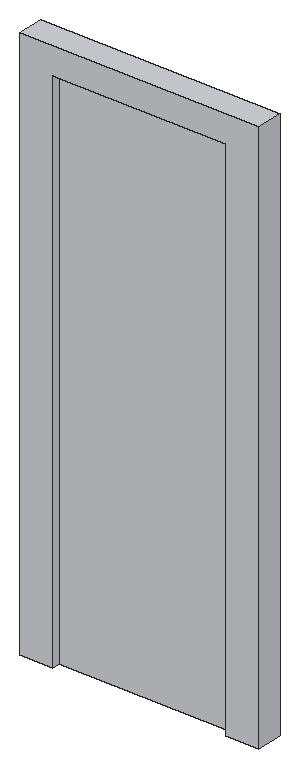
Revit family "Door", category Doors, host Wall, Revit 2025
Family settings
  Host = Wall
  OmniClass Number = 23.30.10.00
  OmniClass Title = Doors
  Always vertical = Yes
  Cut with Voids When Loaded = No
  Shared = No
  Room Calculation Point = No
Parameters (values of type "9")
  x = 0' - 1.02987"
  Thickness = 0' - 1 3/4"
  S_Door A = 75.00°
  Door Thickness = 0' - 1 3/4"
  S_Door Margin = 0' - 3 3/4"
  S_Door Inner Thickness = 0' - 3"
  S_Door G = 0' - 1.22013"
  Function = Interior
  Freezer = yes
  Frame Width Upper = 0' - 4"
  Frame Thickness = 0' - 4"
  Frame Width = 0' - 5"
  Height = 7' - 0"
  Wall Closure = By host
  Width = 3' - 0"
  Frame Head Depth = 0' - 5"
  Frame Depth Vert 1 = 0' - 1"
  Frame Depth Vert 2 = 0' - 0.01"
  Frame Depth Hori 2 = 0' - 5.01"
  Frame Depth Hori 1 = 0' - 3 3/4"
  S_Door Swing Length = 3' - 2"
  Door Width = 3' - 10"
  Define Thermal Properties by = Schematic Type
  Analytic Construction = "<None>"
Types (2): name | S_Door A | S_Door Margin | Freezer | Frame Thickness | Frame Width | Width | Frame Head Depth | Frame Depth Vert 2 | Frame Depth Hori 2 | Frame Depth Hori 1 | S_Door Swing Length | Door Width
  3A | 81.0937° | 0' - 2" | no | 0' - 6" | 0' - 2" | 4' - 4" | 0' - 3" | 0' - 1" | 0' - 2" | 0' - 2" | 3' - 8" | 4' - 0"
  9 | 75.00° | 0' - 3 3/4" | yes | 0' - 4" | 0' - 5" | 3' - 0" | 0' - 5" | 0' - 0.01" | 0' - 5.01" | 0' - 3 3/4" | 3' - 2" | 3' - 10"
Reference planes (in)
  plane 1 "Center (Front/Back)": y = 0
  plane 2 "Center (Left/Right)": x = 0
  plane 3 "Left": x = -18
  plane 4 "Right": x = 18
  plane 5 "Top": z = 84
  plane 6 "Exterior": y = 7
  plane 7 "Interior": y = -7
  plane 8: y = 0
  plane 9: y = -2
  plane 10: y = 2
  plane 11: y = 3.22013
Forms (in)
  Extrusion 1, solid, detail levels fine
    sketch origin (0, 0, 0) x (1, 0, 0) y (0, 1, 0)
      loop
        line (-13, 0.875) -> (-13, -0.875) -> (13, -0.875) -> (13, 0.875) -> (-13, 0.875)
    from 0 to 80
  Extrusion 2, solid, detail levels fine
    sketch origin (0, 0, 0) x (1, 0, 0) y (0, 0, 1)
      loop
        line (-18, 0) -> (-13, 0) -> (-13, 80) -> (13, 80) -> (13, 0) -> (18, 0) -> (18, 84) -> (-18, 84) -> (-18, 0)
    from -2 to 2
Lines and regions (in)
  Opening 1
    outline origin (-90, -7, 0) x (1, 0, 0) y (0, 0, 1)
      loop
        line (72, 0) -> (108, 0) -> (108, 84) -> (72, 84) -> (72, 0)
  symbolic lines
    curve 1: line (-14.25, 2, 0) -> (-14.25, 40, 0)
    curve 2: line (-14.25, 40, 0) -> (-12.25, 40, 0)
    curve 3: line (-12.5, 40, 0) -> (-12.5, 2, 0)
    curve 15: line (-18, 2, 0) -> (-14.25, 2, 0)
    curve 16: line (-14.25, 2, 0) -> (-14.25, 1, 0)
    curve 17: line (-14.25, 1, 0) -> (-13, 1, 0)
    curve 18: line (-13, 1, 0) -> (-13, -1.99, 0)
    curve 19: line (-13, -1.99, 0) -> (-12.99, -1.99, 0)
    curve 20: line (-12.99, -1.99, 0) -> (-12.99, -2, 0)
    curve 21: line (-12.99, -2, 0) -> (-18, -2, 0)
    curve 22: line (-14.25, 2, 0) -> (-12.5, 2, 0)
    curve 23: line (18, 2, 0) -> (14.25, 2, 0)
    curve 24: line (14.25, 2, 0) -> (14.25, 1, 0)
    curve 25: line (14.25, 1, 0) -> (13, 1, 0)
    curve 26: line (13, 1, 0) -> (13, -1.99, 0)
    curve 27: line (13, -1.99, 0) -> (12.99, -1.99, 0)
    curve 28: line (12.99, -1.99, 0) -> (12.99, -2, 0)
    curve 29: line (12.99, -2, 0) -> (18, -2, 0)
    curve 30: arc (-12.25, 40, 0) -> (10.91382, 27.91358, 0) -> (14.25, 2, 0) r 28.24013
    curve 31: line (-12.5, 2, 0) -> (14.25, 2, 0)
    curve 32: line (12.99, -2, 0) -> (-12.99, -2, 0)
  symbolic lines, not visible
    curve 4: line (23, 1, 0) -> (23, -1, 0)
    curve 5: line (23, -1, 0) -> (24, -1, 0)
    curve 6: line (24, -1, 0) -> (24, -3, 0)
    curve 7: line (24, -3, 0) -> (26, -3, 0)
    curve 8: line (26, -3, 0) -> (26, 3, 0)
    curve 9: line (26, 3, 0) -> (24, 3, 0)
    curve 10: line (24, 3, 0) -> (24, 1, 0)
    curve 11: line (24, 1, 0) -> (23, 1, 0)
  symbolic lines, visible <- "Freezer"
    curve 12: line (-9.5, 37.97602, 0) -> (-9.5, 4.02398, 0)
    curve 13: line (-9.5, 37.97602, 0) -> (-12.5, 38.77987, 0)
    curve 14: line (-9.5, 4.02398, 0) -> (-12.5, 3.22013, 0)
Text (in)
  text "Exterior" at (-71.22539, 20.51343, 0), in view "Ref. Level"
  text "Interior" at (-71.22539, -15.26908, 0), in view "Ref. Level"
  text "Exterior" at (0, 40.15149, 123.01588), in view "Right"
  text "Interior" at (0, -64.39139, 123.01588), in view "Right"
  text "Interior" at (0, -31.01599, 123.00693), in view "Left"
  text "Exterior" at (0, 54.57065, 123.00693), in view "Left"
Dimensions and locks (in)
  equal spacing: Extrusion 1 sketch curve, host wall, Extrusion 1 sketch curve
  "Thickness": Extrusion 1 sketch curve to Extrusion 1 sketch curve
  equal spacing: plane 3 "Left", plane 2 "Center (Left/Right)", plane 4 "Right"
  "Width": plane 3 "Left" to plane 4 "Right"
  "Frame Width": Extrusion 2 sketch curve to Extrusion 2 sketch curve  (x2)
  "Frame Width Upper": plane 5 "Top" to Extrusion 2 sketch curve
  equal spacing: plane 10, plane 8, plane 9
  "Frame Thickness": plane 9 to plane 10
  "Height": plane 5 "Top" to level
  "S_Door Inner Thickness": curve 3 to curve 12
  "Door Thickness": curve 1 to curve 3
  "S_Door Margin": plane 3 "Left" to curve 1
  "Frame Depth Hori 1": plane 3 "Left" to curve 16
  "Frame Depth Hori 2": plane 3 "Left" to curve 20
  "Frame Depth Vert 1": curve 17 to plane 10
  "Frame Depth Vert 2": curve 19 to plane 9
  "Frame Head Depth": plane 3 "Left" to curve 18
  "Frame Depth Hori 1": curve 24 to plane 4 "Right"
  "Frame Depth Hori 2": curve 28 to plane 4 "Right"
  "Frame Depth Vert 2": curve 27 to plane 9
  "Frame Depth Vert 1": plane 10 to curve 25
  "Frame Head Depth": curve 26 to plane 4 "Right"
  "S_Door Swing Length": plane 10 to curve 2
  "S_Door G": plane 11 to plane 10
  "S_Door G": curve 13 to curve 2
  "S_Door A": angle curve 3 to curve 13
  "S_Door A": angle curve 14 to curve 3
  aligned and locked: plane 3 "Left" to Opening 1 sketch curve
  aligned and locked: plane 5 "Top" to Opening 1 sketch curve  (x2)
  aligned and locked: Opening 1 sketch curve to plane 4 "Right"
  aligned and locked: Opening 1 sketch curve to level
  aligned and locked: plane 6 "Exterior" to host wall
  aligned and locked: plane 7 "Interior" to host wall
  aligned and locked: plane 3 "Left" to Extrusion 2 sketch curve
  aligned and locked: Extrusion 2 sketch curve to plane 4 "Right"
  aligned and locked: Extrusion 2 sketch curve to plane 5 "Top"
  aligned and locked: Extrusion 2 to plane 10
  aligned and locked: Extrusion 2 to plane 9
  aligned and locked: Extrusion 2 to Extrusion 1 sketch curve  (x2)
  aligned and locked: Extrusion 1 to Extrusion 2
  aligned and locked: plane 3 "Left" to curve 15
  aligned and locked: plane 3 "Left" to curve 21
  aligned and locked: plane 9 to curve 21
  aligned and locked: plane 10 to curve 15
  aligned and locked: plane 10 to curve 22
  aligned and locked: plane 4 "Right" to curve 23
  aligned and locked: plane 4 "Right" to curve 29
  aligned and locked: curve 23 to plane 10
  aligned and locked: plane 10 to curve 31
  aligned and locked: plane 9 to curve 32
  aligned and locked: curve 28 to curve 32
  aligned and locked: curve 20 to curve 32
  aligned and locked: curve 14 to plane 11
Automatic sketch dimensions
  Extrusion 2 sketch curve to level = 0' - 0"  (x2)
  curve 3 to curve 2 = 0' - 0 1/4"
